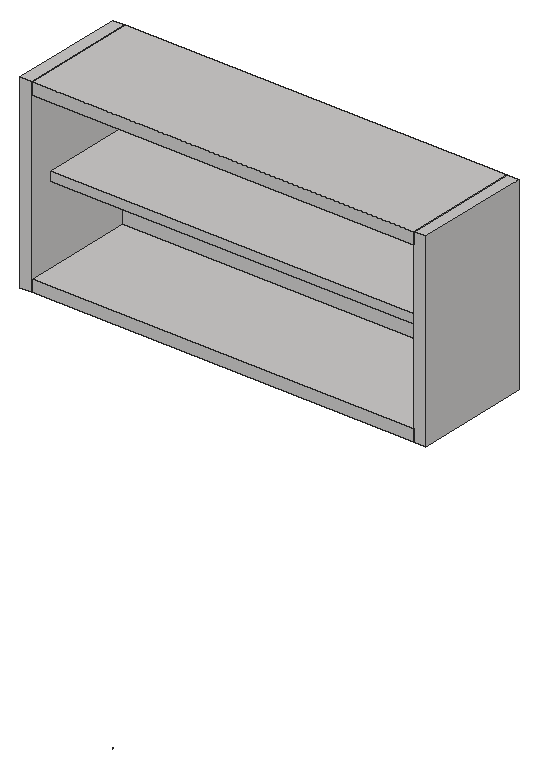
Revit family "QF_ZANUSSI_133258_PA1400LCN", category Attrezzature speciali, Revit 2020
Family settings
  Quota connettore circolare = Usa diametro
  Tipo di parte = Normale
  Basato su piano di lavoro = No
  Sempre verticale = Sì
  Taglio con vuoti quando caricato = No
  Condiviso = No
  Punto di calcolo locali = No
Parameters (values of type "Standard")
  Weight = 23.00 kg
  Watts = 0 W
  Volts = 0 V
  URL Manufacturer = "http://www.zanussiprofessional.com"
  URL = "http://www.zanussiprofessional.com"
  Steam Supply Size = 0 mm
  Steam Supply Minimum Pressure = 0.0 Pa
  Steam Supply Maximum Pressure = 0.0 Pa
  Steam Consumption per Hour = 0
  Refrigeration Suction Line Size = 0.0 mm
  Refrigeration Liquid Line Size = 0.0 mm
  Refrigerant Compressor Remote = yes
  Prospetto di default = 0.0 mm
  Phase = 0
  Modello = "PA1400LCN"
  Produttore = "Zanussi"
  Length Actual = 1400.0 mm  # constant formula
  Item Number = "133258"
  Hot Water Size = 0 mm
  Height Actual = 650.0 mm  # constant formula
  HP = "0 HP"
  Gas Size = 0 mm
  Gas KW = 0
  Gas Input Pressure = 0 W
  Direct Waste Size = 0 mm
  Descrizione = "OPEN WALL CUPBOARD 1400 MM"
  Depth Actual = 400.0 mm  # constant formula
  Cycle = 0 Hz
  Condensate Return Size = 0 mm
  Compressed Air Volume = 0.0 L/s
  Compressed Air Size = 0 mm
  Compressed Air Pressure = 0.0 Pa
  Cold Water Size = 0 mm
  Accessory = yes
Reference planes
  plane 1 "Center (Front/Back)": y = 0
  plane 2: z = 0
  plane 3 "Center (Left/Right)": x = -300
  plane 4 "LEFT": x = -1000
  plane 5 "RIGHT": x = 400
  plane 6 "BACK": y = 200
  plane 7 "FRONT": y = -200
  plane 8 "Base": z = 2250
  plane 9 "BASE": z = 1600
  plane 10: x = -960
  plane 11: x = 360
  plane 12: y = -197
  plane 13: y = 150
  plane 14: y = 190
  plane 15 "Ripiano": z = 1910
  plane 16: z = 1940
Forms (mm)
  Extrusion 1, solid, material "QF_Finishes_Stainless Steel"
    sketch origin (0, 0, 1600) x (-1, 0, 0) y (0, -1, 0)
      loop
        line (1000, -200) -> (1000, 200) -> (960, 200) -> (960, -200) -> (1000, -200)
      loop
        line (-360, -200) -> (-360, 200) -> (-400, 200) -> (-400, -200) -> (-360, -200)
    from 0 to 650
  Extrusion 2, solid, material "QF_Finishes_Stainless Steel"
    sketch origin (0, 0, 1600) x (-1, 0, 0) y (0, -1, 0)
      loop
        line (960, -200) -> (960, 200) -> (-360, 200) -> (-360, -200) -> (960, -200)
    from 0 to 40
  Extrusion 3, solid, material "QF_Finishes_Stainless Steel"
    sketch origin (0, 0, 0) x (1, 0, 0) y (0, 1, 0)
      loop
        line (-960, -200) -> (360, -200) -> (360, 200) -> (-960, 200) -> (-960, -200)
    from 2210 to 2250
  Extrusion 4, solid, material "QF_Finishes_Stainless Steel"
    sketch origin (0, 0, 0) x (1, 0, 0) y (0, 1, 0)
      loop
        line (-1000, 200) -> (-1000, 199) -> (-999, 199) -> (-999, 200) -> (-1000, 200)
    from 0 to 1
  Extrusion 5, solid, material "QF_Finishes_Stainless Steel"
    sketch origin (0, 0, 1910) x (-1, 0, 0) y (0, -1, 0)
      loop
        line (960, -190) -> (960, 124.1) -> (-360, 124.1) -> (-360, -190) -> (960, -190)
    from 0 to 30
  Extrusion 6, solid, material "QF_Finishes_Stainless Steel"
    sketch origin (0, 0, 1910) x (-1, 0, 0) y (0, -1, 0)
      loop
        line (960, -200) -> (960, -190) -> (-360, -190) -> (-360, -200) -> (960, -200)
    from -270 to 300
Lines and regions (mm)
  symbolic lines
    curve 1: line (400, 200, 0) -> (-1000, -200, 0)
    curve 2: line (-1000, 200, 0) -> (400, 200, 0)
    curve 3: line (-1000, -200, 0) -> (-1000, 200, 0)
    curve 4: line (400, -200, 0) -> (-1000, -200, 0)
    curve 5: line (400, 200, 0) -> (400, -200, 0)
  symbolic lines, style "SpecialityEquipmentHiddenLines"
    curve 6: line (-960, -124.1, 1910) -> (360, -124.1, 1910)
    curve 7: line (360, -200, 1910) -> (360, 190, 1910)
    curve 8: line (360, 190, 1910) -> (-960, 190, 1910)
    curve 9: line (-960, 190, 1910) -> (-960, -200, 1910)
Dimensions and locks
  plane 4 "LEFT" to plane 5 "RIGHT" = 1400.0 mm
  equal spacing: plane 4 "LEFT", plane 3 "Center (Left/Right)", plane 5 "RIGHT"
  plane 6 "BACK" to plane 7 "FRONT" = 400.0 mm
  equal spacing: plane 6 "BACK", plane 1 "Center (Front/Back)", plane 7 "FRONT"
  plane 9 "BASE" to level = 1600.0 mm
  locked: plane 4 "LEFT" to plane 10 at 40
  locked: plane 11 to plane 5 "RIGHT" at 40
  plane 12 to plane 7 "FRONT" = 3.0 mm
  plane 6 "BACK" to plane 13 = 50.0 mm
  locked: plane 8 "Base" to plane 9 "BASE" at 650
  locked: plane 15 "Ripiano" to plane 9 "BASE" at 310
  locked: plane 16 to plane 15 "Ripiano" at 30
  aligned and locked: level to plane 2
  aligned and locked: plane 8 "Base" to Extrusion 1
  aligned and locked: plane 6 "BACK" to Extrusion 1 sketch curve
  aligned and locked: Extrusion 1 sketch curve to plane 6 "BACK"
  aligned and locked: plane 7 "FRONT" to Extrusion 1 sketch curve
  aligned and locked: Extrusion 1 sketch curve to plane 7 "FRONT"
  aligned and locked: plane 10 to Extrusion 1
  aligned and locked: Extrusion 1 to plane 11
  aligned and locked: Extrusion 2 to plane 10
  aligned and locked: plane 11 to Extrusion 2
  aligned and locked: plane 8 "Base" to Extrusion 3
  aligned and locked: Extrusion 3 to plane 7 "FRONT"
  aligned and locked: Extrusion 2 to plane 7 "FRONT"
Automatic sketch dimensions
  Extrusion 1 sketch curve to plane 5 "RIGHT" = 0.0 mm
  Extrusion 1 sketch curve to plane 11 = 0.0 mm
  Extrusion 1 sketch curve to plane 10 = 0.0 mm
  Extrusion 1 sketch curve to plane 4 "LEFT" = 0.0 mm
  Extrusion 2 sketch curve to plane 11 = 0.0 mm
  Extrusion 2 sketch curve to plane 10 = 0.0 mm
  Extrusion 2 sketch curve to plane 13 = 50.0 mm
  Extrusion 2 sketch curve to plane 12 = 3.0 mm
  Extrusion 3 sketch curve to plane 10 = 0.0 mm
  Extrusion 3 sketch curve to plane 11 = 0.0 mm
  Extrusion 3 sketch curve to plane 12 = 3.0 mm
  Extrusion 3 sketch curve to plane 14 = 10.0 mm
  Extrusion 4 sketch curve to plane 6 "BACK" = 0.0 mm
  Extrusion 4 sketch curve to plane 4 "LEFT" = 0.0 mm
  plane 4 "LEFT" to Extrusion 4 sketch curve = 1.0 mm
  Extrusion 4 sketch curve to plane 6 "BACK" = 1.0 mm
  curve 4 to plane 4 "LEFT" = 0.0 mm
  curve 5 to plane 5 "RIGHT" = 0.0 mm
  Extrusion 5 sketch curve to plane 11 = 0.0 mm
  Extrusion 5 sketch curve to plane 10 = 0.0 mm
  plane 14 to Extrusion 5 sketch curve = 0.0 mm
  plane 12 to Extrusion 5 sketch curve = 72.9 mm
  Extrusion 6 sketch curve to plane 6 "BACK" = 0.0 mm
  Extrusion 6 sketch curve to plane 11 = 0.0 mm
  Extrusion 6 sketch curve to plane 10 = 0.0 mm
  plane 14 to Extrusion 6 sketch curve = 0.0 mm
  curve 1 to plane 7 "FRONT" = 0.0 mm
  curve 3 to plane 6 "BACK" = 0.0 mm
  curve 6 to plane 11 = 0.0 mm
  curve 6 to plane 10 = 0.0 mm
  plane 14 to curve 9 = 0.0 mm
  curve 9 to plane 7 "FRONT" = 0.0 mm
  curve 7 to plane 7 "FRONT" = 0.0 mm
  plane 12 to curve 6 = 72.9 mm
